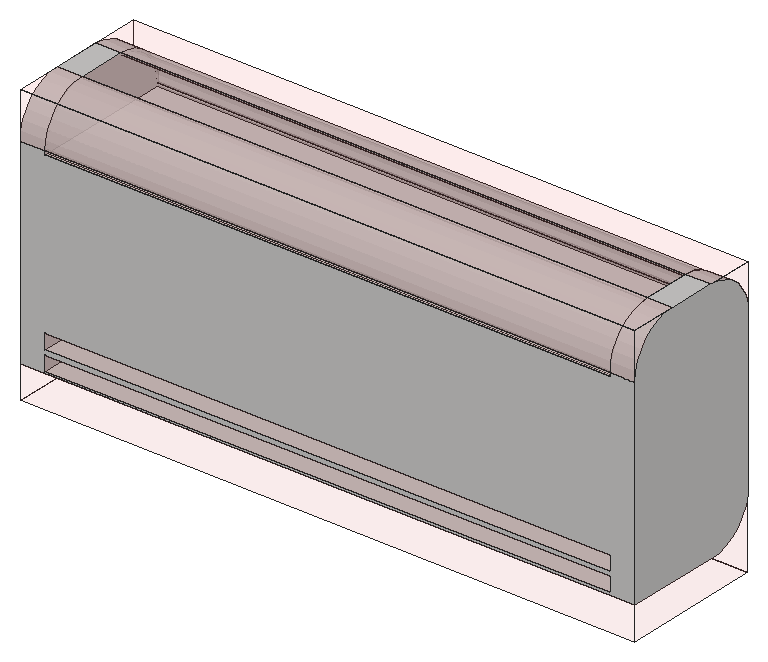
Revit family "Air-Curtain_Climate-Control_PoweredAire_EVE-Unheated", category Mechanical Equipment, host Face, Revit 2023
Family settings
  Host = Face
  Round Connector Dimension = Use Diameter
  Part Type = Normal
  OmniClass Number = 23.75.35.17.21
  OmniClass Title = Air Curtains
  Cut with Voids When Loaded = No
  Maintain Annotation Orientation = No
  Shared = No
  Room Calculation Point = No
Parameters
  Warranty Duration (Years) = 0
  Unit Width Notes = "Other Widths available."  # constant formula
  Unit Width = 3' - 1"
  Unit Weight = 59
  Unit Height = 0' - 8 1/2"  # constant formula
  Unit Depth = 1' - 2 205/256"  # constant formula
  URL = "http://www.poweredaire.com/"
  Test Data = ""
  Temperature Rise_Range = "27"
  Standards Conformance = "ETL  ;  Made in USA"
  Specification = "http://www.arcat.com/sdspecs/htm04/23_34_33pai.htm"
  SpecWizard = ""
  Sound Pressure = "53 dBA"
  Sales Information = "https://poweredaire.com/contact"
  Revision = ""
  Projection from Host [instance] = 0' - 2"
  Product Properties = ""
  Product Data = "http://www.arcat.com/arcatcos/cos47/arc47623.html"
  Power Rating = 0 W
  Outlet Volume_Range = "961 CFM"
  Outlet Velocity_Range = "1316 FPM"
  Nozzle Width = 2' - 11"
  Mounting Width = Unit Width - 0' 1"  # 3' - 0"
  Mounting Height [instance] = 3' - 6"
  Motor RPM = 1075
  Motor HP = 0.2
  Motor Count = 1
  Model = "EVE-1-36E"
  Max Height = 12' - 0"
  Manufacturer Website = "http://www.poweredaire.com/"
  Manufacturer Phone - Toll Free = "888-321-2473"
  Manufacturer Phone = "724-588-3305"
  Manufacturer Fax = "724-588-3371"
  Manufacturer Address = "109 Mortensen Rd.  Greenville, PA 16125"
  Manufacturer = "Powered Aire, Inc"
  Maintenance Schedule (Months) = 0
  Keynote = "23 34 33"
  Installation-Fabrication = ""
  Installation Phase = ""
  Include Clearance [instance] = yes
  Heating Element Load = 0 W
  HVAC_Temperature Rise [instance] = 0 °F
  HVAC_Outlet Volume [instance] = 0 CFM
  HVAC_Outlet Velocity Uniformity = 0.87
  HVAC_Outlet Velocity [instance] = 0 FPM
  Green Building-LEED = "http://www.arcat.com/green/clients/leed_data_47623.html"
  Front Grating Material [instance] = Metal - Steel - PoweredAire - Stainless 304 Perforated
  Frame Finish [instance] = Metal - Steel - PoweredAire - Stainless 304
  Expected Lifespan (Years) = 0
  Electrical_Wattage [instance] = Power Rating + Heating Element Load  # 0 W
  Electrical_Voltage [instance] = 0 V
  Electrical_Phase [instance] = 2
  Electrical_Frequency [instance] = 0 Hz
  Electrical_Amperage [instance] = 0 A
  Drawn By = ""
  Description = "Powered Aire Electrically Heated Climate Control Air Curtain - EVE-1-36E as Specified"
  Default Elevation = 0' - 0"  # constant formula
  Copyright = "©Arcat Inc."
  Construction Details = "http://www.arcat.com/details/powair/prod3336.html"
  Clearance_Top [instance] = 0' - 0"
  Clearance_Side B [instance] = 0' - 0"
  Clearance_Side A [instance] = 0' - 0"
  Clearance_Intake [instance] = 0' - 0"
  Clearance_Bottom [instance] = 0' - 0"
  Clearance Material [instance] = ARCAT Clearance
  Building Codes = ""
  Available Options [instance] = "as Specified"
  Assembly Code = "D3090400"
Reference planes (in)
  plane 1 "Center (Elevation)": y = 0.13818
  plane 2: z = 0
  plane 3 "Center (Left/Right)": x = 0
  plane 4: y = 4.38818
  plane 5: y = -4.11182
  plane 6: x = -18.5
  plane 7: x = 18.5
  plane 8: z = 16.80078
  plane 9 "FF": y = -41.86182
  plane 10: z = 2
  plane 11: x = 17
  plane 12: x = -17
  plane 13 "CL-3": y = 4.38818
  plane 14 "CL-2": y = -4.11182
  plane 15: x = -18.5
  plane 16: x = 18.5
  plane 17 "CL-1": z = 16.80078
  plane 18: z = 13.80078
Forms (in)
  Extrusion 1, solid, material "Metal - Steel - PoweredAire - Stainless 304" <- "Frame Finish"
    sketch origin (0, 0, 0) x (0, 1, 0) y (0, 0, 1)
      loop
        line (-4.11182, 14) -> (-4.11182, 2) -> (1.58818, 2)
        arc (1.58818, 2) -> (3.56808, 2.8201) -> (4.38818, 4.8) r 2.8
        line (4.38818, 4.8) -> (4.38818, 14)
        arc (4.38818, 14) -> (3.56808, 15.9799) -> (1.58818, 16.8) r 2.8
        line (1.58818, 16.8) -> (-1.31182, 16.80078)
        arc (-1.31182, 16.80078) -> (-3.29172, 15.9799) -> (-4.11182, 14) r 2.8
    from 17 to 18.5
  Extrusion 2, solid, material "Metal - Steel - PoweredAire - Stainless 304 Perforated" <- "Front Grating Material"
    sketch origin (0, 0, 0) x (0, 1, 0) y (0, 0, 1)
      loop
        arc (-1.31182, 16.8) -> (-3.29172, 15.9799) -> (-4.11182, 14) r 2.8
        line (-4.11182, 14) -> (-4.11182, 13.80078) -> (-3.98682, 13.80078) -> (-3.98682, 14)
        arc (-3.98682, 14) -> (-3.20333, 15.89151) -> (-1.31182, 16.675) r 2.675
        line (-1.31182, 16.675) -> (1.58818, 16.67578)
        arc (1.58818, 16.67578) -> (3.47969, 15.89151) -> (4.26318, 14) r 2.675
        line (4.26318, 14) -> (4.26318, 13.80078) -> (4.38818, 13.80078) -> (4.38818, 14)
        arc (4.38818, 14) -> (3.56808, 15.9799) -> (1.58818, 16.8) r 2.8
        line (1.58818, 16.8) -> (-1.31182, 16.8)
    from -17 to 17
  Extrusion 3, solid, material "ARCAT Clearance" <- "Clearance Material", visible <- "Include Clearance"
    sketch origin (0, 0, 0) x (0, 1, 0) y (0, 0, 1)
      loop
        line (-4.11182, 16.80078) -> (-4.11182, 0) -> (4.38818, 0) -> (4.38818, 16.80078) -> (-4.11182, 16.80078)
    from -18.5 to 18.5
  Extrusion 4, solid, material "Metal - Steel - PoweredAire - Stainless 304" <- "Frame Finish"
    sketch origin (0, 0, 0) x (0, 1, 0) y (0, 0, 1)
      loop
        line (-4.11182, 14) -> (-4.11182, 2) -> (1.58818, 2)
        arc (1.58818, 2) -> (3.56808, 2.8201) -> (4.38818, 4.8) r 2.8
        line (4.38818, 4.8) -> (4.38818, 14)
        arc (4.38818, 14) -> (3.56808, 15.9799) -> (1.58818, 16.8) r 2.8
        line (1.58818, 16.8) -> (-1.31182, 16.80078)
        arc (-1.31182, 16.80078) -> (-3.29172, 15.9799) -> (-4.11182, 14) r 2.8
    from -18.5 to -17
  Extrusion 5, solid, material "Metal - Steel - PoweredAire - Stainless 304" <- "Frame Finish"
    sketch origin (0, 0, 0) x (0, 1, 0) y (0, 0, 1)
      loop
        line (-4.11182, 13.80078) -> (-4.11182, 4.2) -> (-1.86182, 4.2) -> (-1.86182, 3.2875) -> (-4.11182, 3.2875) -> (-4.11182, 3.0375) -> (-1.86182, 3.0375) -> (-1.86182, 2.125) -> (-4.11182, 2.125) -> (-4.11182, 2) -> (1.58818, 2)
        arc (1.58818, 2) -> (3.56808, 2.8201) -> (4.38818, 4.8) r 2.8
        line (4.38818, 4.8) -> (4.38818, 13.80078) -> (-4.11182, 13.80078)
    from -17 to 17
Cuts and joins
  joined: Extrusion 1, Extrusion 4, Extrusion 5
Dimensions and locks (in)
  equal spacing: plane 4, plane 1 "Center (Elevation)", plane 5
  "Unit Height": plane 4 to plane 5
  equal spacing: plane 6, plane 3 "Center (Left/Right)", plane 7
  "Unit Width": plane 6 to plane 7
  "Mounting Height": plane 1 "Center (Elevation)" to plane 9 "FF"
  "Projection from Host": plane 10 to level
  "Unit Depth": plane 8 to plane 10
  locked: plane 6 to plane 12 at 1.5
  locked: plane 11 to plane 7 at 1.5
  "Clearance_Side A": plane 7 to plane 16
  "Clearance_Side B": plane 15 to plane 6
  "Clearance_Top": plane 13 "CL-3" to plane 4
  "Clearance_Bottom": plane 5 to plane 14 "CL-2"
  "Clearance_Intake": plane 17 "CL-1" to plane 8
  locked: plane 8 to plane 18 at 3
  locked: Extrusion 2 sketch curve to plane 18 at 0.19922  (x2)
  locked: Extrusion 1 sketch curve to plane 18 at 0.19922  (x2)
  locked: Extrusion 4 sketch curve to plane 18 at 0.19922  (x2)
  locked: plane 5 to Extrusion 5 sketch curve at 2.25
  Extrusion 5 sketch curve to Extrusion 5 sketch curve to Extrusion 5 sketch curve to Extrusion 5 sketch curve to plane 10 = 0' - 0.9125" locked, 0' - 0 1/4" locked, 0' - 0.9125" locked, 0' - 0 1/8" locked
  locked: plane 8 to Extrusion 2 sketch curve at 0.125
  aligned and locked: plane 2 to host face
  aligned and locked: level to host face
  aligned and locked: plane 7 to Extrusion 1
  aligned and locked: Extrusion 1 to plane 11
  aligned and locked: plane 11 to Extrusion 2
  aligned and locked: Extrusion 2 to plane 12
  aligned and locked: Extrusion 3 sketch curve to plane 17 "CL-1"
  aligned and locked: plane 14 "CL-2" to Extrusion 3 sketch curve
  aligned and locked: level to Extrusion 3 sketch curve
  aligned and locked: Extrusion 3 sketch curve to plane 13 "CL-3"
  aligned and locked: plane 16 to Extrusion 3
  aligned and locked: Extrusion 3 to plane 15
  aligned and locked: plane 12 to Extrusion 4
  aligned and locked: Extrusion 4 to plane 6
  aligned and locked: Extrusion 2 sketch curve to plane 18  (x2)
  aligned and locked: Extrusion 4 sketch curve to plane 10
  aligned and locked: Extrusion 1 sketch curve to plane 10
  aligned and locked: Extrusion 5 sketch curve to plane 18
  aligned and locked: Extrusion 5 sketch curve to plane 10
  aligned and locked: Extrusion 5 to plane 12
  aligned and locked: plane 11 to Extrusion 5
  aligned and locked: plane 8 to Extrusion 1 sketch curve
  aligned and locked: plane 8 to Extrusion 4 sketch curve
  aligned and locked: plane 8 to Extrusion 2 sketch curve
  aligned and locked: Extrusion 5 sketch curve to plane 5  (x2)
  aligned and locked: plane 5 to Extrusion 5 sketch curve
  aligned and locked: plane 4 to Extrusion 1 sketch curve
  aligned and locked: plane 4 to Extrusion 2 sketch curve
  aligned and locked: Extrusion 5 sketch curve to plane 4
Automatic sketch dimensions
  host sketch curve to host sketch curve = 8' - 0"  (x2)
  plane 5 to Extrusion 1 sketch curve = 0' - 2.8"
  plane 1 "Center (Elevation)" to Extrusion 1 sketch curve = 0' - 1.45"
  Extrusion 1 sketch curve to plane 1 "Center (Elevation)" = 0' - 1.45"  (x2)
  Extrusion 1 sketch curve to Extrusion 1 sketch curve = 0' - 0"
  Extrusion 1 sketch curve to plane 5 = 0' - 0"
  Extrusion 4 sketch curve to plane 5 = 0' - 0"
  Extrusion 4 sketch curve to plane 4 = 0' - 0"
  plane 1 "Center (Elevation)" to Extrusion 4 sketch curve = 0' - 1.45"
  Extrusion 4 sketch curve to plane 1 "Center (Elevation)" = 0' - 1.45"  (x2)
  Extrusion 4 sketch curve to Extrusion 4 sketch curve = 0' - 0"  (x2)
  Extrusion 2 sketch curve to plane 4 = 0' - 2.8"
  Extrusion 2 sketch curve to plane 1 "Center (Elevation)" = 0' - 1.45"
  Extrusion 2 sketch curve to Extrusion 2 sketch curve = 0' - 0"  (x6)
  plane 5 to Extrusion 2 sketch curve = 0' - 0 1/8"
  Extrusion 2 sketch curve to plane 4 = 0' - 0 1/8"
  plane 5 to Extrusion 2 sketch curve = 0' - 2.8"
  Extrusion 2 sketch curve to plane 5 = 0' - 0"
  Extrusion 5 sketch curve to Extrusion 5 sketch curve = 0' - 0"
  Extrusion 5 sketch curve to plane 1 "Center (Elevation)" = 0' - 1.45"
  Extrusion 2 sketch curve to Extrusion 2 sketch curve = 0' - 0.00078"
Connectors (in)
  electrical at (-18.5, 0.34532, 10.05725), driven by "Electrical_Voltage", driven by "Electrical_Phase"
    settings: on cut or joined group of Extrusion 1, Extrusion 4, Extrusion 5, index 1, voltage 0 V, apparent load 0 VA, apparent load phase1 0 VA, apparent load phase2 0 VA, apparent load phase3 0 VA, power factor 1, load classification "Other", number of poles 2, system type 31, power factor state 1, is connector primary yes, connector utility no, sub classification motor no, connector description "Power Connector"
